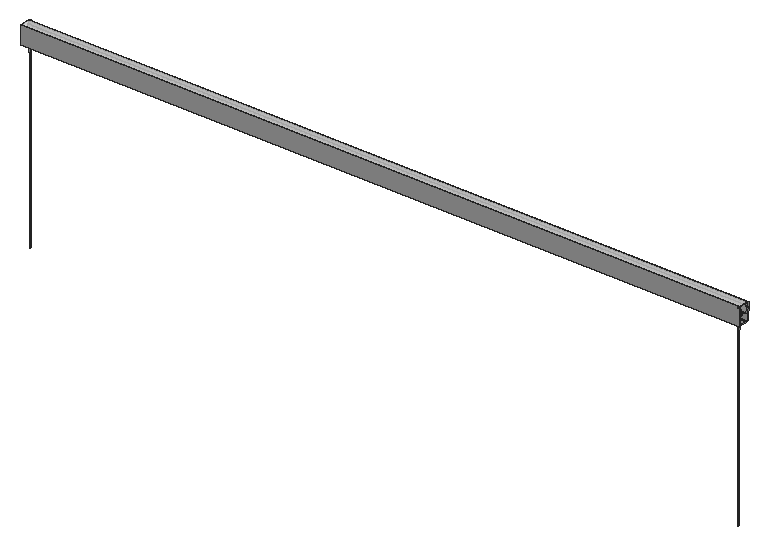
Revit family "2093125 Sylvania Lighting Fixture MC2 3-6M 3K DALI WHT OPAL", category Lighting Fixtures, host Face, Revit 2016
Family settings
  Host = Face
  Part Type = Normal
  Round Connector Dimension = Use Diameter
  OmniClass Number = 23.80.70.11.17
  OmniClass Title = Specialized Lighting by Location or Use
  Cut with Voids When Loaded = No
  Light Source = Yes
  Shared = No
  Room Calculation Point = No
Parameters (values of type "2093125 MC2 3.6M 3K DALI WHT OPAL")
  Width_SYL = 54.0 mm
  Weight = "7.5 kg"
  Wattage = 63 W
  WarrantyStartDate [instance] = "n/a"
  WarrantyGuarantorParts = "n/a"
  WarrantyDurationUnit = "n/a"
  WarrantyDurationParts = "n/a"
  WarrantyDescription = "n/a"
  built-in parameter 1150110 = 1 (stored number, unit not read)
  Voltage = 0 V
  URL = "http://www.sylvania-lighting.com"
  TypeName = "MC2 3.6M 3K DALI WHT OPAL"
  built-in parameter 1114217 = 1 (stored number, unit not read)
  Tilt Angle = -90.00°
  built-in parameter 1150109 = 1 (stored number, unit not read)
  built-in parameter 1150134 = (empty or 0)
  built-in parameter 1150113 = 1 (stored number, unit not read)
  SerialNumber [instance] = "n/a"
  PowerFactor = 0.98
  PowerConsumption = "63 W"
  NominalWidth = 0.0 mm
  NominalLength = 3600.0 mm
  NominalHeight = 86.0 mm
  Name = "MC2 3.6M 3K DALI WHT OPAL"
  ModelReference = "MC2 3.6M 3K DALI WHT OPAL"
  ModelNumber = "2093125"
  Material_3_SYL = Metal_Sylvania_Mini Contiuum II_Silver
  Photometric Web File = "2093125.ies"
  Material_4_SYL = Metal_Sylvania_Mini Contiuum II_Silver
  MountingHeight_SYL [instance] = 1000.0 mm
  Material = "aluminium housing, polycarbonate diffuser"
  ManufacturerName = "Feilo Sylvania"
  LuminousEfficacy = "105 lm/W"
  LuminaireType = ""
  LightOutputRatio = "100"
  Length_SYL = 3600.0 mm
  LampsType = Lamp  # "LED"
  LampNominalLuminous = "6621 lm"
  LampMacAdamStep = "3"
  LampColourTemperature = "3000 K"
  LampColourRenderingIndex = "80"
  Keynote = "16500"
  InstallationDate [instance] = "n/a"
  InputVoltage = "n/a"
  InputNominalFrequency = "n/a"
  IngressProtection = "IP20"
  ImpactProtectionIndex = "n/a"
  IfcExportType = "IfcLightFixtureType"
  IfcExportAs = "IfcLightFixtureType"
  Height_SYL = 86.0 mm
  ExpectedLife = 50000
  EndCapRight_SYL [instance] = no
  EndCapLeft_SYL [instance] = no
  Emit from Rectangle Width = Width_SYL - 2.0 mm  # 52.0 mm
  Emit from Rectangle Length = Length_SYL  # 3600.0 mm
  Emit Shape Visible in Rendering = no
  ElectricShockClassification = "Class I"
  DurationUnit = "hours"
  DocumentationLiterature = "http://www.sylvania-lighting.com/product/en-int/products/2093125"
  DimmingControlOptions = "n/a"
  CreatedOn = "10/15/2018"
  CreatedBy = "@sylvania-lighting.com"
  built-in parameter 1114216 [instance] = 1 (stored number, unit not read)
  Model = "MC2 3.6M 3K DALI WHT OPAL"
  Manufacturer = "Feilo Sylvania"
  built-in parameter 1150105 = 526.4 (stored number, unit not read)
  Lumens = 6615 lm
  built-in parameter 1150115 = 1 (stored number, unit not read)
  built-in parameter 1150137 = (empty or 0)
  built-in parameter 1150139 = (empty or 0)
  built-in parameter 1150112 = 1 (stored number, unit not read)
  built-in parameter 1150114 = 1 (stored number, unit not read)
  Lamp = "LED"
  built-in parameter 1150132 = 2
  built-in parameter 1150102 = (empty or 0)
  built-in parameter 1150107 = 3000 (stored number, unit not read)
  built-in parameter 1150138 = (empty or 0)
  built-in parameter 1150106 = 5.264 (stored number, unit not read)
  Material_1_SYL = Metal_Sylvania_Mini Continuum II_White
  built-in parameter 1150104 = 9.7548 (stored number, unit not read)
  Dimming Lamp Color Temperature Shift = <None>
  Material_2_SYL = Polycarbonate_Sylvania_Mini Continuum II_Opal_4000K
  Description = "2093125   MC2 3.6M 3K DALI WHT OPAL  Continuous lines of LED light, white RAL 9016, direct distribution, trimless detail for a seamless finish, suitable for recessed, semi-recessed, surface-mounted or suspended installation either horizontally or vertically, various accessories available, compact and minimalist design based on the Golden Mean, ideal for offices, meeting rooms, corridors, education facilities, museums and libraries, extruded aluminium body, diffuser: opal, colour temperature: 3000K warm white, total system power: 63W, total fixture output: 6621lm, luminaire efficacy: 105lm/W, LOR: 100%, colour rendering: Ra >80, LED Chromacity: 1 step MacAdam ellipse, lifetime: 60,000 hours at 90% of the original output (L90), energy class: A++, A+, A, IR/UV free light source without heat radiation, operating voltage: 220-240V / 50-60Hz, drive current: 800mA, electronic driver, DALI dimmable, electrical protection: CLASS I, IP20, suitable for internal environment only."
  Default Elevation = 0.0 mm
  Color Filter = 16777215
  built-in parameter 1140040 [instance] = 1
  BarCode [instance] = "n/a"
  built-in parameter 1114218 = 1 (stored number, unit not read)
  built-in parameter 1150133 = 10 (stored number, unit not read)
  AssetType = "Fixed"
  AssetIdentifier [instance] = "n/a"
  Assembly Code = "D5020200"
  Apparent Load = 63 VA
Reference planes
  plane 1 "Center (Front/Back)": y = 0
  plane 2 "Bottom Fixtures": z = 0
  plane 3 "Center (Left/Right)": x = 0
  plane 4 "Fixture Left": x = -1800
  plane 5 "Fixture Right": x = 1800
  plane 6 "Fixture Bottom": z = 1000
  plane 7: z = 998
  plane 8: z = 996
  plane 9: z = 986.951
  plane 10: z = 956.951
  plane 11 "Fixture Top": z = 914
  plane 12 "Mounting Right": x = 1772
  plane 13 "Mounting Left": x = -1772
  plane 14: z = 879
  plane 15: y = 27
  plane 16: y = -27
  plane 17: y = -26
  plane 18: y = -25
  plane 19: y = 26
  plane 20: y = 25
  plane 21: y = 11
  plane 22: y = -11
  plane 23: y = 24
  plane 24: y = 22
  plane 25: y = -22
  plane 26: y = 15
  plane 27: y = -15
  plane 28 "Upper Diffuser Left": x = -1650
  plane 29 "Upper Diffuser Right": x = 1650
  plane 30: x = -1802
  plane 31: x = 1802
Forms (mm)
  Extrusion 1, solid, material "Metal_Sylvania_Mini Continuum II_White" <- "Material_1_SYL", detail levels fine
    sketch origin (0, 0, 520) x (0, 1, 0) y (0, 0, 1)
      loop
        line (27, 480) -> (26, 480) -> (26, 478) -> (25, 478) -> (25, 396) -> (13, 396) -> (13, 398) -> (-13, 398) -> (-13, 396) -> (-25, 396) -> (-25, 478) -> (-26, 478) -> (-26, 480) -> (-27, 480) -> (-27, 394) -> (-11, 394) -> (-11, 396) -> (11, 396) -> (11, 394) -> (27, 394) -> (27, 480)
    from -1800 to 1800
  Extrusion 2, solid, material "Polycarbonate_Sylvania_Mini Continuum II_Opal_4000K" <- "Material_2_SYL", detail levels fine
    sketch origin (0, 0, 520) x (0, 1, 0) y (0, 0, 1)
      loop
        line (-26, 480) -> (-26, 478) -> (26, 478) -> (26, 480) -> (-26, 480)
    from -1800 to 1800
  Extrusion 3, solid, material "Metal_Sylvania_Mini Contiuum II_Silver" <- "Material_3_SYL", detail levels fine
    sketch origin (0, 0, 520) x (0, 1, 0) y (0, 0, 1)
      loop
        line (22, 466.951) -> (20.973, 466.951) -> (14.206, 437.951) -> (11, 437.951) -> (11, 436.951) -> (15, 436.951) -> (22, 466.951)
      loop
        line (-15, 436.951) -> (-11, 436.951) -> (-11, 437.951) -> (-14.206, 437.951) -> (-20.973, 466.951) -> (-22, 466.951) -> (-15, 436.951)
    from -1800 to 1800
  Extrusion 4, solid, material "Metal_Sylvania_Mini Continuum II_White" <- "Material_1_SYL", detail levels coarse+medium
    sketch origin (0, 0, 520) x (0, 1, 0) y (0, 0, 1)
      loop
        line (-27, 480) -> (-27, 394) -> (27, 394) -> (27, 480) -> (-27, 480)
    from -1800 to 1800
  Extrusion 5, solid, material "Metal_Sylvania_Mini Contiuum II_Silver" <- "Material_4_SYL", detail levels fine
    sketch origin (0, 0, -86) x (-1, 0, 0) y (0, -1, 0)
      loop
        circle (1772, 0) r 4
      loop
        circle (-1772, 0) r 4
    from 965 to 1002
  Extrusion 6, solid, material "Metal_Sylvania_Mini Contiuum II_Silver" <- "Material_4_SYL", detail levels fine
    sketch origin (0, 0, -86) x (-1, 0, 0) y (0, -1, 0)
      loop
        circle (-1772, 0) r 1
      loop
        circle (1772, 0) r 1
    from 86 to 965
  Extrusion 7, solid, material "Metal_Sylvania_Mini Continuum II_White" <- "Material_1_SYL", visible <- "EndCapLeft_SYL"
    sketch origin (-1800, 171.684, 1219.2) x (0, 1, 0) y (0, 0, 1)
      loop
        line (-198.684, -305.2) -> (-144.684, -305.2) -> (-144.684, -219.2) -> (-198.684, -219.2) -> (-198.684, -305.2)
    from 0 to -2
  Extrusion 8, solid, material "Metal_Sylvania_Mini Continuum II_White" <- "Material_1_SYL", visible <- "EndCapRight_SYL"
    sketch origin (1800, 171.684, 1219.2) x (0, 1, 0) y (0, 0, -1)
      loop
        line (-144.684, 219.2) -> (-144.684, 305.2) -> (-198.684, 305.2) -> (-198.684, 219.2) -> (-144.684, 219.2)
    from 0 to -2
Lines and regions (mm)
  Masking region 1
    outline origin (0, 0, -86) x (-1, 0, 0) y (0, -1, 0)
      loop
        line (1800, -27) -> (1800, 27) -> (-1800, 27) -> (-1800, -27) -> (1800, -27)
  symbolic lines, detail levels fine
    curve 1: line (-1800, 26, -86) -> (1800, 26, -86)
    curve 2: line (-1800, -26, -86) -> (1800, -26, -86)
  model lines, detail levels coarse+medium
    curve 3: line (-1772, 0, 914) -> (-1772, 0, 0)
    curve 4: line (1772, 0, 914) -> (1772, 0, 0)
Dimensions and locks
  host sketch curve to plane 3 "Center (Left/Right)" to host sketch curve = 820.0 mm, 775.047 mm
  equal spacing: plane 4 "Fixture Left", plane 3 "Center (Left/Right)", plane 5 "Fixture Right"
  "Length_SYL": plane 4 "Fixture Left" to plane 5 "Fixture Right"
  plane 6 "Fixture Bottom" to plane 7 to plane 8 to plane 9 to plane 10 = 2.0 mm locked, 2.0 mm locked, 9.049 mm locked, 30.0 mm locked
  locked: Extrusion 1 sketch curve to Extrusion 1 sketch curve at 2
  locked: Extrusion 1 sketch curve to plane 11 "Fixture Top" at 2
  "Height_SYL": plane 6 "Fixture Bottom" to plane 11 "Fixture Top"
  locked: plane 12 "Mounting Right" to plane 5 "Fixture Right" at 28
  locked: plane 4 "Fixture Left" to plane 13 "Mounting Left" at 28
  locked: plane 11 "Fixture Top" to plane 14 at 35
  "MountingHeight_SYL": plane 6 "Fixture Bottom" to plane 2 "Bottom Fixtures"
  equal spacing: plane 15, plane 1 "Center (Front/Back)", plane 16
  "Width_SYL": plane 15 to plane 16
  plane 22 to plane 27 to plane 25 to plane 18 to plane 17 to plane 16 = 4.0 mm locked, 7.0 mm locked, 3.0 mm locked, 1.0 mm locked, 1.0 mm locked
  plane 15 to plane 19 to plane 20 to plane 23 to plane 24 to plane 26 to plane 21 = 1.0 mm locked, 1.0 mm locked, 1.0 mm locked, 2.0 mm locked, 7.0 mm locked, 4.0 mm locked
  locked: plane 4 "Fixture Left" to plane 28 "Upper Diffuser Left" at 150
  locked: plane 29 "Upper Diffuser Right" to plane 5 "Fixture Right" at 150
  equal spacing: plane 30, plane 3 "Center (Left/Right)", plane 31
  locked: plane 30 to plane 4 "Fixture Left" at 2
  aligned and locked: plane 2 "Bottom Fixtures" to host face
  aligned and locked: level to host face
  aligned and locked: plane 5 "Fixture Right" to curve 1
  aligned and locked: plane 4 "Fixture Left" to curve 1
  aligned and locked: plane 4 "Fixture Left" to curve 2
  aligned and locked: plane 5 "Fixture Right" to curve 2
  aligned and locked: Extrusion 1 sketch curve to plane 7
  aligned and locked: plane 6 "Fixture Bottom" to Extrusion 1 sketch curve  (x2)
  aligned and locked: plane 7 to Extrusion 1 sketch curve
  aligned and locked: Extrusion 1 to Extrusion 2 sketch curve
  aligned and locked: Extrusion 2 sketch curve to Extrusion 1  (x3)
  aligned and locked: Extrusion 3 sketch curve to plane 10
  aligned and locked: plane 9 to Extrusion 3 sketch curve
  aligned and locked: Extrusion 3 sketch curve to plane 9
  aligned and locked: Extrusion 4 sketch curve to plane 6 "Fixture Bottom"
  aligned and locked: Extrusion 4 to plane 4 "Fixture Left"
  aligned and locked: Extrusion 2 to plane 4 "Fixture Left"
  aligned and locked: Extrusion 3 to plane 4 "Fixture Left"
  aligned and locked: Extrusion 1 to plane 4 "Fixture Left"
  aligned and locked: Extrusion 4 to plane 5 "Fixture Right"
  aligned and locked: Extrusion 2 to plane 5 "Fixture Right"
  aligned and locked: Extrusion 3 to plane 5 "Fixture Right"
  aligned and locked: Extrusion 1 to plane 5 "Fixture Right"
  aligned and locked: plane 11 "Fixture Top" to Extrusion 4 sketch curve
  aligned and locked: Extrusion 1 sketch curve to plane 11 "Fixture Top"  (x2)
  aligned and locked: Extrusion 1 sketch curve to Extrusion 1 sketch curve
  aligned and locked: plane 6 "Fixture Bottom" to imposter light
  aligned and locked: plane 11 "Fixture Top" to curve 3
  aligned and locked: plane 2 "Bottom Fixtures" to curve 3
  aligned and locked: curve 4 to plane 11 "Fixture Top"
  aligned and locked: curve 4 to plane 2 "Bottom Fixtures"
  aligned and locked: curve 4 to plane 12 "Mounting Right"
  aligned and locked: curve 3 to plane 13 "Mounting Left"
  aligned and locked: Extrusion 5 to Extrusion 1
  aligned and locked: Extrusion 5 to plane 14
  aligned and locked: plane 14 to Extrusion 6
  aligned and locked: Extrusion 6 to level
  aligned and locked: plane 21 to Extrusion 3 sketch curve
  aligned and locked: Extrusion 3 sketch curve to plane 22
  aligned and locked: Extrusion 7 sketch curve to Extrusion 4  (x4)
  aligned and locked: Extrusion 7 to plane 30
  aligned and locked: plane 4 "Fixture Left" to Extrusion 7
  aligned and locked: Extrusion 8 sketch curve to Extrusion 4  (x4)
  aligned and locked: plane 31 to Extrusion 8
  aligned and locked: plane 5 "Fixture Right" to Extrusion 8
Automatic sketch dimensions
  host sketch curve to host sketch curve = 1047.463 mm
  plane 19 to curve 1 = 0.0 mm
  curve 2 to plane 17 = 0.0 mm
  Masking region 1 sketch curve to plane 5 "Fixture Right" = 0.0 mm
  Masking region 1 sketch curve to plane 4 "Fixture Left" = 0.0 mm
  plane 15 to Masking region 1 sketch curve = 0.0 mm
  Masking region 1 sketch curve to plane 16 = 0.0 mm
  Extrusion 1 sketch curve to plane 16 = 0.0 mm
  Extrusion 1 sketch curve to plane 17 = 0.0 mm
  Extrusion 1 sketch curve to plane 18 = 0.0 mm
  Extrusion 1 sketch curve to plane 22 = 0.0 mm
  Extrusion 1 sketch curve to plane 21 = 0.0 mm
  Extrusion 1 sketch curve to plane 20 = 0.0 mm
  Extrusion 1 sketch curve to plane 19 = 0.0 mm
  Extrusion 1 sketch curve to plane 15 = 0.0 mm
  plane 11 "Fixture Top" to Extrusion 1 sketch curve = 2.0 mm
  Extrusion 1 sketch curve to plane 22 = 2.0 mm
  Extrusion 1 sketch curve to plane 21 = 2.0 mm
  Extrusion 3 sketch curve to plane 25 = 0.0 mm
  Extrusion 3 sketch curve to plane 27 = 0.0 mm
  Extrusion 3 sketch curve to plane 26 = 0.0 mm
  Extrusion 3 sketch curve to plane 24 = 0.0 mm
  plane 10 to Extrusion 3 sketch curve = 1.0 mm
  Extrusion 3 sketch curve to Extrusion 3 sketch curve = 1.027 mm
  plane 27 to Extrusion 3 sketch curve = 0.794 mm
  plane 26 to Extrusion 3 sketch curve = 0.794 mm
  plane 24 to Extrusion 3 sketch curve = 1.027 mm
  Extrusion 4 sketch curve to plane 16 = 0.0 mm
  Extrusion 4 sketch curve to plane 15 = 0.0 mm
  plane 1 "Center (Front/Back)" to Extrusion 5 sketch curve = 0.0 mm  (x2)
  Extrusion 5 sketch curve to plane 12 "Mounting Right" = 0.0 mm
  Extrusion 5 sketch curve to plane 13 "Mounting Left" = 0.0 mm
  plane 1 "Center (Front/Back)" to Extrusion 6 sketch curve = 0.0 mm  (x2)
  Extrusion 6 sketch curve to plane 12 "Mounting Right" = 0.0 mm
  Extrusion 6 sketch curve to plane 13 "Mounting Left" = 0.0 mm
  Extrusion 3 sketch curve to Extrusion 3 sketch curve = 0.0 mm
  Extrusion 3 sketch curve to plane 10 = 0.0 mm
  radius of Extrusion 5 sketch curve = 4.0 mm  (x2)
  radius of Extrusion 6 sketch curve = 1.0 mm  (x2)
Connectors
  electrical at (1800, 0, 949), driven by "Apparent Load"
    settings: on Extrusion 1, index 1, voltage 230 V, apparent load 0 VA, apparent load phase1 63 VA, apparent load phase2 0 VA, apparent load phase3 0 VA, power factor 1, load classification "Lighting", number of poles 1, system type 31, power factor state 1, is connector primary yes, connector utility no, sub classification motor no, connector description ""
